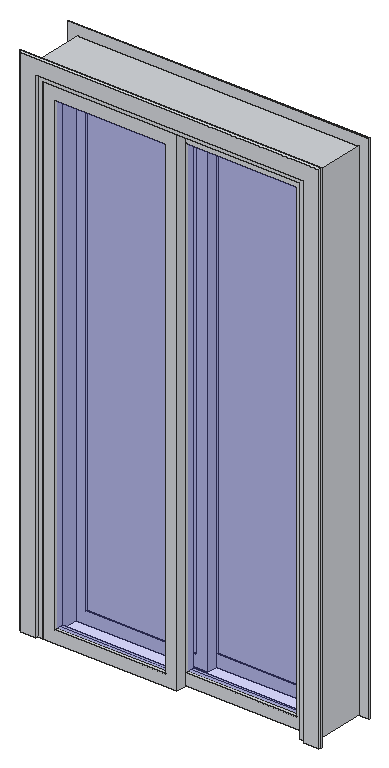
Revit family "Porta veneziana envidraçada de correr dupla com revestimento", category Portas, Revit 2019
Family settings
  Hospedeiro = Parede
  Número OmniClass = 23.30.10.00
  Título OmniClass = Doors
  Sempre na vertical = Sim
  Corte com vazios quando carregada = Não
  Compartilhado = Não
  Ponto de cálculo do ambiente = Não
Parameters (values of type "1200 x 2180mm")
  Visual Light Transmittance = 0
  Largura da apara = 70 mm
  Espessura da apara = 10 mm
  Material da apara = none
  Espessura = Espessura da moldura do painel * 4 + 30 mm  # 190 mm
  Solar Heat Gain Coefficient = 0
  Rough Width = Width  # 1200 mm
  Rough Height = Height  # 2180 mm
  Largura da moldura do painel = 50 mm
  Espessura da moldura do painel = 40 mm
  Material do painel = none
  ID do tipo de construção = ""
  Coeficiente de transferência de calor (U) = 3.7021 W/(m²·K)
  Largura do puxador = 40 mm
  Material do puxador = none
  Altura do puxador = 200 mm
  Vidro = none
  Função = Exterior
  Largura da estrutura = 50 mm
  Height = 2180 mm
  Fechamento da parede = Por hospedeiro
  Width = 1200 mm
  Material da moldura = none
  Construção analítica = Metal
Types (5, lengths in mm): name | Rough Width | Width
  (no name) | 1200 | 1200
  1200 x 2180mm | 1200 | 1200
  1400 x 2180mm | 1400 | 1400
  1600 x 2180mm | 1600 | 1600
  1800 x 2180mm | 1800 | 1800
Reference planes
  plane 1: y = 0
  plane 2 "Centro (Esquerda/Direita)": x = 0
  plane 3 "Esquerda": x = -600
  plane 4 "Direita": x = 600
  plane 5: z = 2180
  plane 6 "Exterior": y = 125
  plane 7 "Interior": y = -125
  plane 8: x = -550
  plane 9: x = -500
  plane 10: x = 500
  plane 11: x = 550
  plane 12: y = -85
  plane 13: z = 0
  plane 14: z = 2080
  plane 15: z = 50
  plane 16: z = 2130
  plane 17: x = 25
  plane 18: x = -25
  plane 19: z = 1065
  plane 20: x = 262.5
  plane 21: x = -262.5
  plane 22: z = 900
  plane 23: y = -40
  plane 24: y = 80
  plane 25: y = -125
  plane 26: y = -80
  plane 27: y = 40
  plane 28: y = 85
  plane 29: y = 125
  plane 30: y = -105
  plane 31: y = -60
  plane 32: y = 60
  plane 33: y = 105
  plane 34: y = -98
  plane 35: y = -112
  plane 36: y = -53
  plane 37: y = -67
  plane 38: y = 72
  plane 39: y = 48
  plane 40: y = 117
  plane 41: y = 93
  plane 42: z = 1000
  plane 43: z = 800
  plane 44: x = 20
  plane 45: x = -20
  plane 46: z = 962
  plane 47: z = 838
  plane 48: x = 17
  plane 49: x = -17
  plane 50: x = 400
  plane 51: x = 125
  plane 52: through (400, 300, 1065) normal (0.5, 0, 0.866)
  plane 53: x = 400
  plane 54: through (400, 300, 1065) normal (-0.5, 0, 0.866)
  plane 55: x = -400
  plane 56: x = -125
  plane 57: through (-400, 300, 1065) normal (0.5, 0, -0.866)
  plane 58: x = -400
  plane 59: through (-400, 300, 1065) normal (-0.5, 0, -0.866)
  plane 60: x = 540
Forms (mm)
  Sweep 1, solid, material <- "Material da moldura", detail levels coarse+medium
    path origin (0, 125, 0) x (1, 0, 0) y (0, 0, 1)
      loop
        line (600, 0) -> (600, 2180) -> (-600, 2180) -> (-600, 0)
    profile origin (600, 125, 1090) x (-1, 0, 0) y (0, -1, 0)
      loop
        line (0, 0) -> (50, 0) -> (50, 250) -> (0, 250) -> (0, 0)
  Sweep 2, solid, material <- "Material da moldura"
    path origin (0, 125, 0) x (-1, 0, 0) y (0, 0, 1)
      loop
        line (-550, 0) -> (25, 0) -> (25, 2130) -> (-550, 2130) -> (-550, 0)
    profile origin (550, 125, 1065) x (-1, 0, 0) y (0, -1, 0)
      loop
        line (50, 165) -> (50, 205) -> (0, 205) -> (0, 165) -> (50, 165)
  Extrusion 3, solid, material <- "Vidro", detail levels fine
    sketch origin (0, 0, 0) x (-1, 0, 0) y (0, -1, 0)
      loop
        line (500, 98) -> (500, 112) -> (25, 112) -> (25, 98) -> (500, 98)
      loop
        line (-25, 53) -> (-25, 67) -> (-500, 67) -> (-500, 53) -> (-25, 53)
    from 50 to 2080
  Sweep 4, solid, material <- "Material da moldura"
    path origin (0, 125, 50) x (-1, 0, 0) y (0, 0, 1)
      loop
        line (550, -50) -> (550, 2080) -> (-25, 2080) -> (-25, -50) -> (550, -50)
    profile origin (-550, 125, 1065) x (-1, 0, 0) y (0, -1, 0)
      loop
        line (0, 210) -> (0, 250) -> (-50, 250) -> (-50, 210) -> (0, 210)
  Sweep 5, solid, material <- "Material da moldura", detail levels coarse+medium
    path origin (0, 125, 0) x (1, 0, 0) y (0, 0, 1)
      loop
        line (550, 0) -> (550, 2130) -> (-25, 2130) -> (-25, 0) -> (550, 0)
    profile origin (550, 125, 1065) x (-1, 0, 0) y (0, -1, 0)
      loop
        line (50, 0) -> (50, 40) -> (0, 40) -> (0, 0) -> (50, 0)
  Sweep 6, solid, material <- "Material da moldura"
    path origin (0, 125, 0) x (1, 0, 0) y (0, 0, 1)
      loop
        line (25, 0) -> (25, 2130) -> (-550, 2130) -> (-550, 0) -> (25, 0)
    profile origin (25, 125, 1065) x (-1, 0, 0) y (0, -1, 0)
      loop
        line (50, 45) -> (50, 85) -> (0, 85) -> (0, 45) -> (50, 45)
  Extrusion 7, solid, material <- "Vidro"
    sketch origin (0, -125, 0) x (-1, 0, 0) y (0, -1, 0)
      loop
        line (500, -27) -> (500, -13) -> (25, -13) -> (25, -27) -> (500, -27)
      loop
        line (-25, -72) -> (-25, -58) -> (-500, -58) -> (-500, -72) -> (-25, -72)
    from 50 to 2080
  Sweep 8, solid, material <- "Material da moldura", detail levels fine
    path origin (0, 225, 0) x (1, 0, 0) y (0, 0, 1)
      loop
        line (550, 0) -> (550, 2130) -> (-25, 2130) -> (-25, 0) -> (550, 0)
    profile origin (550, 225, 1065) x (-1, 0, 0) y (0, -1, 0)
      loop
        line (50, 100) -> (50, 140) -> (0, 140) -> (0, 100) -> (50, 100)
  Sweep 9, solid, material <- "Material da moldura", detail levels fine
    path origin (0, 150, 0) x (1, 0, 0) y (0, 0, 1)
      loop
        line (600, 0) -> (600, 2180) -> (-600, 2180) -> (-600, 0)
    profile origin (600, 150, 1090) x (-1, 0, 0) y (0, -1, 0)
      loop
        line (0, 25) -> (50, 25) -> (50, 110) -> (60, 110) -> (60, 190) -> (50, 190) -> (50, 275) -> (0, 275) -> (0, 25)
  Extrusion 10, solid, material <- "Material do painel", detail levels medium+fine
    sketch origin (0, 180, 0) x (1, 0, 0) y (0, 1, 0)
      loop
        line (-500, -108) -> (-500, -132) -> (-25, -132) -> (-25, -108) -> (-500, -108)
      loop
        line (25, -63) -> (25, -87) -> (500, -87) -> (500, -63) -> (25, -63)
    from 50 to 2080
  Extrusion 11, solid, material <- "Material do painel"
    sketch origin (120, 387.846, 0) x (1, 0, 0) y (0, 1, 0)
      loop
        line (-620, -315.846) -> (-620, -339.846) -> (-145, -339.846) -> (-145, -315.846) -> (-620, -315.846)
      loop
        line (-95, -270.846) -> (-95, -294.846) -> (380, -294.846) -> (380, -270.846) -> (-95, -270.846)
    from 50 to 2080
  Sweep 12, solid, material <- "Material da apara", detail levels fine
    path origin (0, -125, 0) x (1, 0, 0) y (0, 0, 1)
      loop
        line (600, 0) -> (600, 2180) -> (-600, 2180) -> (-600, 0)
    profile "Perfil da apara : Perfil da apara" origin (600, -125, 1090) x (-1, 0, 0) y (0, -1, 0)
      loop
        line (-43, 0) -> (27, 0) -> (27, 10) -> (-37, 10) -> (-43, 4) -> (-43, 0)
  Sweep 13, solid, material <- "Material da apara", detail levels fine
    path origin (0, 125, 0) x (1, 0, 0) y (0, 0, 1)
      loop
        line (600, 0) -> (600, 2180) -> (-600, 2180) -> (-600, 0)
    profile "Perfil da apara : Perfil da apara" origin (600, 125, 1090) x (-1, 0, 0) y (0, -1, 0)
      loop
        line (-43, 0) -> (-43, -4) -> (-37, -10) -> (27, -10) -> (27, 0) -> (-43, 0)
Lines and regions (mm)
  Opening 1
    outline origin (-3050, -125, 0) x (1, 0, 0) y (0, 0, 1)
      loop
        line (2450, 0) -> (3650, 0) -> (3650, 2180) -> (2450, 2180) -> (2450, 0)
  symbolic lines, style "Giro da elevação"
    curve 1: line (550, 125, 2130) -> (-25, 125, 0)
    curve 2: line (-25, 125, 2130) -> (550, 125, 0)
    curve 3: line (-550, 125, 2130) -> (25, 125, 0)
    curve 4: line (25, 125, 2130) -> (-550, 125, 0)
  model lines, style "DoorsGlassProjection", detail levels medium
    curve 5: line (-25, -105, 2080) -> (-500, -105, 2080)
    curve 6: line (-25, -105, 50) -> (-25, -105, 2080)
    curve 7: line (-500, -105, 50) -> (-25, -105, 50)
    curve 8: line (-500, -105, 2080) -> (-500, -105, 50)
    curve 9: line (500, -60, 2080) -> (25, -60, 2080)
    curve 10: line (500, -60, 50) -> (500, -60, 2080)
    curve 11: line (25, -60, 50) -> (500, -60, 50)
    curve 12: line (25, -60, 2080) -> (25, -60, 50)
  symbolic lines, style "Seta"
    curve 13: line (400, -60, 1065) -> (125, -60, 1065)
    curve 14: line (400, -60, 1065) -> (322.058, -60, 1110)
    curve 15: line (400, -60, 1065) -> (322.058, -60, 1020)
    curve 16: line (-400, -60, 1065) -> (-125, -60, 1065)
    curve 17: line (-400, -60, 1065) -> (-322.058, -60, 1110)
    curve 18: line (-400, -60, 1065) -> (-322.058, -60, 1020)
Text (mm)
  text "Externo" at (-2295.016, 1099.543, 0), in view "Nível de referência"
  text "Externo" at (0, 1615.38, 3698.081), in view "Esquerda"
  text "Externo" at (0, 1036.032, 3874.932), in view "Direita"
Dimensions and locks
  equal spacing: plane 3 "Esquerda", plane 2 "Centro (Esquerda/Direita)", plane 4 "Direita"
  "Width": plane 3 "Esquerda" to plane 4 "Direita"
  "Height": host wall to plane 5
  host wall to plane 5 = 2180 mm
  locked: plane 6 "Exterior" to host wall at 0
  locked: plane 7 "Interior" to host wall
  "Largura da estrutura": plane 3 "Esquerda" to plane 8
  "Largura da estrutura": plane 11 to plane 4 "Direita"
  "Largura da moldura do painel": plane 8 to plane 9
  "Largura da moldura do painel": plane 10 to plane 11
  "Largura da estrutura": plane 16 to plane 5
  "Largura da moldura do painel": plane 14 to plane 16
  "Largura da moldura do painel": plane 13 to plane 15
  equal spacing: plane 18, plane 2 "Centro (Esquerda/Direita)", plane 17
  "Largura da moldura do painel": plane 18 to plane 17
  equal spacing: plane 13, plane 19, plane 16
  equal spacing: plane 11, plane 20, plane 18
  equal spacing: plane 8, plane 21, plane 17
  locked: plane 13 to plane 22 at 900
  equal spacing: plane 43, plane 22, plane 42
  "Altura do puxador": plane 43 to plane 42
  equal spacing: plane 45, plane 2 "Centro (Esquerda/Direita)", plane 44
  "Largura do puxador": plane 45 to plane 44
  locked: plane 46 to plane 42 at 38
  locked: plane 43 to plane 47 at 38
  locked: plane 45 to plane 49 at 3
  locked: plane 48 to plane 44 at 3
  "Espessura da moldura do painel": plane 12 to plane 25
  "Espessura da moldura do painel": plane 23 to plane 26
  "Espessura da moldura do painel": plane 24 to plane 27
  "Espessura da moldura do painel": plane 29 to plane 28
  equal spacing: plane 12, plane 30, plane 25
  plane 34 to plane 30 to plane 35 = 7 mm locked, 7 mm locked
  equal spacing: plane 24, plane 32, plane 27
  plane 38 to plane 32 to plane 39 = 12 mm locked, 12 mm locked
  equal spacing: plane 29, plane 33, plane 28
  plane 41 to plane 33 to plane 40 = 12 mm locked, 12 mm locked
  equal spacing: plane 23, plane 31, plane 26
  plane 36 to plane 31 to plane 37 = 7 mm locked, 7 mm locked
  locked: plane 50 to plane 51 at 275
  equal spacing: plane 50, plane 20, plane 51
  locked: curve 14 to curve 14 at 90
  locked: curve 15 to curve 15 at 90
  locked: plane 55 to plane 56 at 275
  equal spacing: plane 55, plane 21, plane 56
  locked: curve 17 to curve 17 at 90
  locked: curve 18 to curve 18 at 90
  locked: plane 60 to plane 11 at 10
  locked: plane 26 to plane 12 at 5
  locked: plane 28 to plane 24 at 5
  locked: plane 19 to plane 52 (angle 30.00°)
  locked: plane 54 to plane 19 (angle 30.00°)
  locked: plane 57 to plane 19 (angle 30.00°)
  locked: plane 19 to plane 59 (angle 30.00°)
  aligned and locked: plane 3 "Esquerda" to Opening 1 sketch curve
  aligned and locked: plane 5 to Opening 1 sketch curve  (x2)
  aligned and locked: Opening 1 sketch curve to plane 4 "Direita"
  aligned and locked: Opening 1 sketch curve to level
  aligned and locked: plane 1 to host wall
  aligned and locked: level to plane 13
  aligned and locked: Sweep 1 sketch curve to plane 3 "Esquerda"
  aligned and locked: plane 5 to Sweep 1 sketch curve
  aligned and locked: plane 4 "Direita" to Sweep 1 sketch curve
  aligned and locked: Sweep 1 sketch curve to profile plane
  aligned and locked: Sweep 1 sketch curve to host wall
  aligned and locked: host wall to Sweep 1 sketch curve
  aligned and locked: Sweep 1 sketch curve to plane 11
  aligned and locked: Sweep 4 sketch curve to plane 8
  aligned and locked: Sweep 4 sketch curve to plane 17
  aligned and locked: Sweep 2 sketch curve to plane 11
  aligned and locked: Sweep 2 sketch curve to plane 16
  aligned and locked: Sweep 2 sketch curve to plane 18
  aligned and locked: plane 13 to Sweep 2 sketch curve
  aligned and locked: plane 16 to curve 1
  aligned and locked: plane 11 to curve 1
  aligned and locked: plane 18 to curve 2
  aligned and locked: plane 16 to curve 2
  aligned and locked: plane 11 to curve 2
  aligned and locked: plane 13 to curve 2
  aligned and locked: plane 18 to curve 1
  aligned and locked: plane 13 to curve 1
  aligned and locked: plane 16 to curve 3
  aligned and locked: plane 8 to curve 3
  aligned and locked: plane 16 to curve 4
  aligned and locked: plane 13 to curve 4
  aligned and locked: plane 8 to curve 4
  aligned and locked: plane 17 to curve 3
  aligned and locked: plane 13 to curve 3
  aligned and locked: Sweep 4 sketch curve to plane 13
  aligned and locked: plane 16 to Sweep 4 sketch curve
  aligned and locked: Sweep 5 sketch curve to plane 18
  aligned and locked: Sweep 5 sketch curve to plane 11
  aligned and locked: Sweep 5 sketch curve to plane 16
  aligned and locked: Sweep 6 sketch curve to plane 16
  aligned and locked: plane 17 to Sweep 6 sketch curve
  aligned and locked: plane 8 to Sweep 6 sketch curve
  aligned and locked: plane 13 to Sweep 5 sketch curve
  aligned and locked: plane 13 to Sweep 6 sketch curve
  aligned and locked: Sweep 4 sketch curve to plane 12
  aligned and locked: profile plane to Sweep 4 sketch curve
  aligned and locked: plane 25 to Sweep 4 sketch curve
  aligned and locked: Sweep 4 sketch curve to plane 9
  aligned and locked: Sweep 2 sketch curve to plane 23
  aligned and locked: plane 10 to Sweep 2 sketch curve
  aligned and locked: plane 26 to Sweep 2 sketch curve
  aligned and locked: Sweep 2 sketch curve to profile plane
  aligned and locked: Sweep 5 sketch curve to plane 29
  aligned and locked: plane 10 to Sweep 5 sketch curve
  aligned and locked: plane 28 to Sweep 5 sketch curve
  aligned and locked: Sweep 5 sketch curve to profile plane
  aligned and locked: Extrusion 3 sketch curve to plane 34
  aligned and locked: plane 9 to Extrusion 3 sketch curve
  aligned and locked: Extrusion 3 sketch curve to plane 35
  aligned and locked: plane 18 to Extrusion 3 sketch curve
  aligned and locked: Extrusion 3 sketch curve to plane 36
  aligned and locked: Extrusion 3 sketch curve to plane 17
  aligned and locked: Extrusion 3 sketch curve to plane 37
  aligned and locked: Extrusion 3 sketch curve to plane 10
  aligned and locked: plane 14 to Extrusion 3
  aligned and locked: plane 14 to Extrusion 7
  aligned and locked: Extrusion 7 to plane 15
  aligned and locked: Extrusion 7 sketch curve to Extrusion 3  (x8)
  aligned and locked: curve 5 to plane 14
  aligned and locked: plane 15 to curve 7
  aligned and locked: plane 18 to curve 6
  aligned and locked: plane 9 to curve 8
  aligned and locked: curve 9 to plane 14
  aligned and locked: plane 15 to curve 11
  aligned and locked: curve 12 to plane 17
  aligned and locked: curve 10 to plane 10
  aligned and locked: nested 1 to plane 29
  aligned and locked: plane 2 "Centro (Esquerda/Direita)" to nested 1
  aligned and locked: plane 22 to nested 1
  aligned and locked: Sweep 8 sketch curve to plane 16
  aligned and locked: Sweep 8 sketch curve to plane 11  (x2)
  aligned and locked: Sweep 8 sketch curve to plane 18
  aligned and locked: plane 13 to Sweep 8 sketch curve
  aligned and locked: Sweep 8 sketch curve to plane 29
  aligned and locked: plane 10 to Sweep 8 sketch curve
  aligned and locked: plane 28 to Sweep 8 sketch curve
  aligned and locked: plane 27 to Sweep 6 sketch curve
  aligned and locked: Sweep 6 sketch curve to plane 18
  aligned and locked: Sweep 6 sketch curve to profile plane
  aligned and locked: Sweep 6 sketch curve to plane 24
  aligned and locked: plane 18 to Sweep 6
  aligned and locked: Sweep 8 to plane 10
  aligned and locked: Sweep 8 to plane 17
  aligned and locked: plane 4 "Direita" to Sweep 9 sketch curve
  aligned and locked: Sweep 9 sketch curve to plane 3 "Esquerda"
  aligned and locked: level to Sweep 9 sketch curve  (x2)
  aligned and locked: plane 5 to Sweep 9 sketch curve
  aligned and locked: plane 29 to plane 6 "Exterior"
  aligned and locked: Sweep 9 sketch curve to plane 60
  aligned and locked: plane 7 "Interior" to Sweep 9 sketch curve
  aligned and locked: plane 29 to Sweep 9 sketch curve
  aligned and locked: plane 27 to Sweep 9 sketch curve
  aligned and locked: Sweep 9 sketch curve to plane 23
  aligned and locked: plane 25 to plane 7 "Interior"
  aligned and locked: Extrusion 10 sketch curve to plane 38
  aligned and locked: Extrusion 10 sketch curve to plane 39
  aligned and locked: plane 9 to Extrusion 10 sketch curve
  aligned and locked: plane 18 to Extrusion 10 sketch curve
  aligned and locked: plane 41 to Extrusion 10 sketch curve
  aligned and locked: plane 40 to Extrusion 10 sketch curve
  aligned and locked: Extrusion 10 sketch curve to plane 17
  aligned and locked: Extrusion 10 sketch curve to plane 10
  aligned and locked: plane 14 to Extrusion 10
  aligned and locked: Extrusion 10 to plane 15
  aligned and locked: plane 9 to Extrusion 11 sketch curve
  aligned and locked: Extrusion 11 sketch curve to plane 39
  aligned and locked: Extrusion 11 sketch curve to plane 38
  aligned and locked: plane 18 to Extrusion 11 sketch curve
  aligned and locked: Extrusion 11 sketch curve to plane 17
  aligned and locked: plane 41 to Extrusion 11 sketch curve
  aligned and locked: plane 40 to Extrusion 11 sketch curve
  aligned and locked: Extrusion 11 sketch curve to plane 10
  aligned and locked: plane 14 to Extrusion 11
  aligned and locked: Extrusion 11 to plane 15
  aligned and locked: Sweep 12 sketch curve to plane 4 "Direita"
  aligned and locked: Sweep 12 sketch curve to plane 5
  aligned and locked: plane 3 "Esquerda" to Sweep 12 sketch curve
  aligned and locked: plane 13 to Sweep 12 sketch curve  (x2)
  aligned and locked: plane 4 "Direita" to Sweep 13 sketch curve
  aligned and locked: plane 5 to Sweep 13 sketch curve
  aligned and locked: Sweep 13 sketch curve to plane 3 "Esquerda"
Automatic sketch dimensions
  Sweep 1 sketch curve to level = 0 mm  (x2)
  plane 17 to curve 4 = 0 mm
  curve 14 to plane 19 = 0 mm
  curve 14 to plane 50 = 0 mm
  curve 14 to plane 52 = 0 mm
  curve 15 to plane 54 = 0 mm
  curve 13 to plane 51 = 0 mm
  curve 16 to plane 19 = 0 mm
  curve 16 to plane 56 = 0 mm
  plane 57 to curve 17 = 0 mm
  plane 59 to curve 18 = 0 mm
  curve 18 to plane 55 = 0 mm
  Sweep 9 sketch curve to profile plane = 0 mm
  Sweep 9 sketch curve to Sweep 9 sketch curve = 50 mm  (x2)
  Sweep 13 sketch curve to level = 0 mm  (x2)
Nested families
  nested 1: "Maçaneta da porta 3" at (0, 125, 900), type "Maçaneta da porta 3", detail levels fine
Definition of nested family "Maçaneta da porta 3"
  Parameters
    Width = 40 mm
    Thickness = 3 mm
    Rough Width = Width  # 40 mm
    Rough Height = Height  # 200 mm
    Height = 200 mm
    Material do puxador = none
  Reference planes
    plane 1 "Centro (Frente/Trás)": y = 0
    plane 2: z = 0
    plane 3 "Centro (Esquerda/Direita)": x = 0
    plane 4: x = -20
    plane 5: x = 20
    plane 6: y = 3
    plane 7: z = 100
    plane 8: z = -100
    plane 9: y = -10
    plane 10: x = 15
    plane 11: x = -15
    plane 12: z = 60
    plane 13: z = -60
    plane 14: z = 85
    plane 15: z = -85
    plane 16: z = 62
    plane 17: x = 17
    plane 18: x = -17
    plane 19: z = -62
    plane 20: y = -8
    plane 21: y = -15
  Forms (mm)
    Extrusion 1, solid, material <- "Material do puxador"
      sketch origin (0, 0, 0) x (1, 0, 0) y (0, 0, 1)
        loop
          line (10, 100) -> (-10, 100)
          arc (-10, 100) -> (-17.071, 97.071) -> (-20, 90) r 10
          line (-20, 90) -> (-20, -90)
          arc (-20, -90) -> (-17.071, -97.071) -> (-10, -100) r 10
          line (-10, -100) -> (10, -100)
          arc (10, -100) -> (17.071, -97.071) -> (20, -90) r 10
          line (20, -90) -> (20, 90)
          arc (20, 90) -> (17.071, 97.071) -> (10, 100) r 10
        loop
          line (10, 60) -> (-10, 60)
          arc (-10, 60) -> (-13.536, 58.536) -> (-15, 55) r 5
          line (-15, 55) -> (-15, -55)
          arc (-15, -55) -> (-13.536, -58.536) -> (-10, -60) r 5
          line (-10, -60) -> (10, -60)
          arc (10, -60) -> (13.536, -58.536) -> (15, -55) r 5
          line (15, -55) -> (15, 55)
          arc (15, 55) -> (13.536, 58.536) -> (10, 60) r 5
        loop
          circle (0, 85) r 5
        loop
          circle (0, -85) r 5
      from -3 to 0
    Extrusion 2, solid, material <- "Material do puxador"
      sketch origin (0, 0, 0) x (1, 0, 0) y (0, 0, 1)
        loop
          arc (-10, 60) -> (-13.536, 58.536) -> (-15, 55) r 5
          line (-15, 55) -> (-15, -55)
          arc (-15, -55) -> (-13.536, -58.536) -> (-10, -60) r 5
          line (-10, -60) -> (10, -60)
          arc (10, -60) -> (13.536, -58.536) -> (15, -55) r 5
          line (15, -55) -> (15, 55)
          arc (15, 55) -> (13.536, 58.536) -> (10, 60) r 5
          line (10, 60) -> (-10, 60)
        loop
          arc (-10, 62) -> (-14.95, 59.95) -> (-17, 55) r 7
          line (-17, 55) -> (-17, -55)
          arc (-17, -55) -> (-14.95, -59.95) -> (-10, -62) r 7
          line (-10, -62) -> (10, -62)
          arc (10, -62) -> (14.95, -59.95) -> (17, -55) r 7
          line (17, -55) -> (17, 55)
          arc (17, 55) -> (14.95, 59.95) -> (10, 62) r 7
          line (10, 62) -> (-10, 62)
      from 0 to 10
    Extrusion 3, solid, material <- "Material do puxador"
      sketch origin (0, 0, 0) x (1, 0, 0) y (0, 0, 1)
        loop
          arc (-10, 60) -> (-13.536, 58.536) -> (-15, 55) r 5
          line (-15, 55) -> (-15, -55)
          arc (-15, -55) -> (-13.536, -58.536) -> (-10, -60) r 5
          line (-10, -60) -> (10, -60)
          arc (10, -60) -> (13.536, -58.536) -> (15, -55) r 5
          line (15, -55) -> (15, 55)
          arc (15, 55) -> (13.536, 58.536) -> (10, 60) r 5
          line (10, 60) -> (-10, 60)
      from 8 to 10
    Extrusion 4, void
      sketch origin (0, 0, 0) x (1, 0, 0) y (0, 0, 1)
        loop
          line (-17, 62) -> (-17, -62) -> (17, -62) -> (17, 62) -> (-17, 62)
      from 0 to 15
  Cuts and joins
    Extrusion 4 cuts Extrusion 1
    Extrusion 4 cuts Extrusion 2
    Extrusion 4 cuts Extrusion 3
    joined: Extrusion 1, Extrusion 2, Extrusion 3
  Dimensions and locks
    equal spacing: plane 4, plane 3 "Centro (Esquerda/Direita)", plane 5
    "Thickness": plane 6 to plane 1 "Centro (Frente/Trás)"
    "Width": plane 4 to plane 5
    equal spacing: plane 7, plane 2, plane 8
    "Height": plane 7 to plane 8
    locked: plane 10 to plane 5 at 5
    locked: plane 4 to plane 11 at 5
    locked: plane 8 to plane 13 at 40
    locked: plane 12 to plane 7 at 40
    locked: plane 14 to plane 7 at 15
    locked: plane 8 to plane 15 at 15
    locked: plane 9 to cut or joined group of Extrusion 1, Extrusion 2, Extrusion 3, Extrusion 4 at 10
    locked: plane 18 to plane 11 at 2
    locked: plane 19 to plane 13 at 2
    locked: plane 12 to plane 16 at 2
    locked: plane 10 to plane 17 at 2
    locked: plane 20 to plane 9 at 2
    locked: plane 9 to plane 21 at 5
    radius of Extrusion 1 sketch curve = 10 mm  (x4)
    radius of Extrusion 1 sketch curve = 5 mm  (x6)
    radius of Extrusion 2 sketch curve = 7 mm  (x4)
    aligned and locked: level to plane 2
    aligned and locked: plane 7 to Extrusion 1 sketch curve
    aligned and locked: plane 5 to Extrusion 1 sketch curve
    aligned and locked: Extrusion 1 sketch curve to plane 8
    aligned and locked: Extrusion 1 sketch curve to plane 4
    aligned and locked: plane 12 to Extrusion 1 sketch curve
    aligned and locked: Extrusion 1 sketch curve to plane 10
    aligned and locked: Extrusion 1 sketch curve to plane 13
    aligned and locked: plane 11 to Extrusion 1 sketch curve
    aligned and locked: plane 6 to Extrusion 1
    aligned and locked: plane 1 "Centro (Frente/Trás)" to Extrusion 1
    aligned and locked: plane 14 to Extrusion 1 sketch curve
    aligned and locked: plane 3 "Centro (Esquerda/Direita)" to Extrusion 1 sketch curve  (x2)
    aligned and locked: plane 15 to Extrusion 1 sketch curve
    aligned and locked: Extrusion 2 sketch curve to Extrusion 1  (x4)
    aligned and locked: Extrusion 2 to plane 1 "Centro (Frente/Trás)"
    aligned and locked: Extrusion 2 to plane 9
    aligned and locked: plane 16 to Extrusion 2 sketch curve
    aligned and locked: Extrusion 2 sketch curve to plane 17
    aligned and locked: plane 19 to Extrusion 2 sketch curve
    aligned and locked: Extrusion 2 sketch curve to plane 18
    aligned and locked: Extrusion 3 sketch curve to cut or joined group of Extrusion 1, Extrusion 2, Extrusion 3, Extrusion 4  (x4)
    aligned and locked: plane 20 to Extrusion 3
    aligned and locked: Extrusion 3 to plane 9
    aligned and locked: Extrusion 4 sketch curve to plane 16
    aligned and locked: plane 18 to Extrusion 4 sketch curve
    aligned and locked: Extrusion 4 sketch curve to plane 19
    aligned and locked: plane 17 to Extrusion 4 sketch curve
    aligned and locked: Extrusion 4 to plane 1 "Centro (Frente/Trás)"
    aligned and locked: Extrusion 4 to plane 21
  Automatic sketch dimensions
    Extrusion 1 sketch curve to plane 4 = 0 mm
    Extrusion 1 sketch curve to plane 5 = 0 mm
